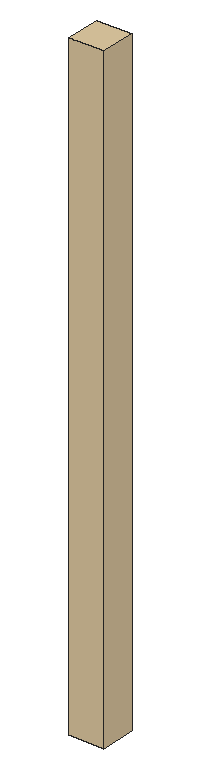
Revit family
Parameters (values of type "140 x 140")
  Keynote = "G20"
  Column Material [instance] = Wood - Dimensional Lumber
  A = 0.00 m²
  Ix = 0
  Iy = 0
  Sx = 0
  Sy = 0
  b = 140 mm
  d = 140 mm
Reference planes
  plane 1 "Center (Front/Back)": y = 0
  plane 2: z = 0
  plane 3 "Center (Left/Right)": x = 0
  plane 4: x = -70
  plane 5: x = 70
  plane 6: y = 70
  plane 7: y = -70
Forms (mm)
  Extrusion 1, solid, material "Wood - Dimensional Lumber" <- "Column Material", detail levels medium+fine
    sketch origin (0, 0, 0) x (1, 0, 0) y (0, 1, 0)
      loop
        line (-70, 70) -> (-70, -70) -> (70, -70) -> (70, 70) -> (-70, 70)
    from 0 to 2500
Lines and regions (mm)
  symbolic lines, style "StructuralColumnStickSymbols", detail levels coarse
    curve 1: line (-70, 70, 0) -> (70, 70, 0)
    curve 2: line (-70, -70, 0) -> (70, -70, 0)
    curve 3: line (-70, 70, 0) -> (-70, -70, 0)
    curve 4: line (70, 70, 0) -> (70, -70, 0)
Dimensions and locks
  equal spacing: plane 4, plane 3 "Center (Left/Right)", plane 5
  equal spacing: plane 7, plane 1 "Center (Front/Back)", plane 6
  "d": plane 7 to plane 6
  "b": plane 4 to plane 5
  aligned and locked: plane 6 to Extrusion 1 sketch curve
  aligned and locked: Extrusion 1 sketch curve to plane 7
  aligned and locked: Extrusion 1 sketch curve to plane 4
  aligned and locked: plane 5 to Extrusion 1 sketch curve
  aligned and locked: level to Extrusion 1
  aligned and locked: level to plane 2
  aligned and locked: Extrusion 1 to plane 2
Automatic sketch dimensions
  curve 3 to plane 4 = 0 mm
  curve 4 to plane 5 = 0 mm
  curve 3 to plane 7 = 0 mm
  curve 3 to plane 6 = 0 mm
